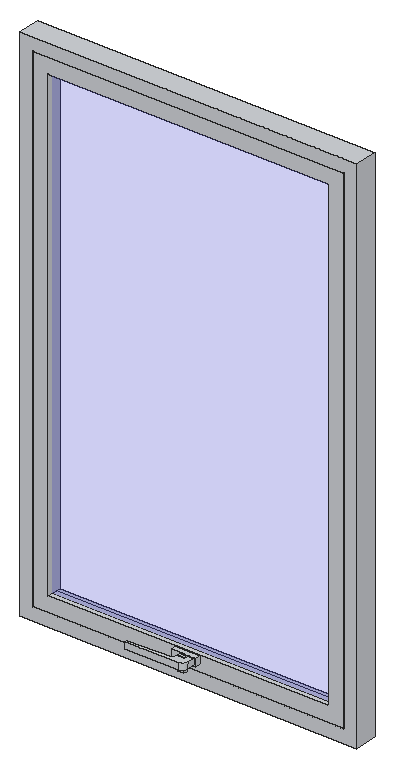
Revit family "Janela maxim-ar - 1 Painel", category Janelas, Revit 2019
Family settings
  Hospedeiro = Parede
  Número OmniClass = 23.30.20.00
  Título OmniClass = Windows
  Sempre na vertical = Sim
  Corte com vazios quando carregada = Não
  Compartilhado = Não
  Ponto de cálculo do ambiente = Não
Parameters
  Visual Light Transmittance = 0.9
  Solar Heat Gain Coefficient = 0.86
  Rough Width = Width  # 900 mm
  Rough Height = Height  # 1400 mm
  Largura da moldura do painel = 40 mm
  Espessura da moldura do painel = 40 mm
  ID do tipo de construção = ""
  Height = 1400 mm
  Coeficiente de transferência de calor (U) = 5.5617 W/(m²·K)
  Material do puxador = none
  Vidro = none
  Largura da estrutura = 35 mm
  Espessura da moldura = 60 mm
  Material da moldura = none
  Altura-padrão do peitoril = 650 mm
  Fechamento da parede = Por hospedeiro
  Width = 900 mm
  Construção analítica = Janelas grandes envidraçadas únicas
Reference planes
  plane 1 "Centro (Frente/Trás)": y = 0
  plane 2 "Centro (Esquerda/Direita)": x = 0
  plane 3 "Esquerda": x = -450
  plane 4 "Direita": x = 450
  plane 5 "Peitoril": z = 650
  plane 6 "Extremidade superior": z = 2050
  plane 7 "Exterior": y = 100
  plane 8 "Interior": y = -100
  plane 9: z = 0
  plane 10: x = -415
  plane 11: x = 415
  plane 12: x = -375
  plane 13: x = 375
  plane 14: y = -40
  plane 15: y = -60
  plane 16: y = -80
  plane 17: z = 2015
  plane 18: z = 685
  plane 19: z = 1975
  plane 20: z = 725
  plane 21: x = -410
  plane 22: x = 410
  plane 23: z = 2010
  plane 24: z = 690
  plane 25: z = 1800
  plane 26: z = 1925
Forms (mm)
  Sweep 1, solid, material <- "Material da moldura", detail levels fine
    path origin (0, 100, 0) x (1, 0, 0) y (0, 0, 1)
      loop
        line (450, 2050) -> (-450, 2050) -> (-450, 650) -> (450, 650) -> (450, 2050)
    profile origin (-450, 100, 2050) x (0, -1, 0) y (1, 0, 0)
      loop
        line (140, 0) -> (200, 0) -> (200, 35) -> (140, 35) -> (140, 0)
  Sweep 2, solid, material <- "Material da moldura", detail levels fine
    path origin (0, 100, 0) x (1, 0, 0) y (0, 0, 1)
      loop
        line (415, 2015) -> (-415, 2015) -> (-415, 685) -> (415, 685) -> (415, 2015)
    profile origin (-415, 100, 2015) x (0, -1, 0) y (1, 0, 0)
      loop
        line (160, 0) -> (200, 0) -> (200, 40) -> (160, 40) -> (160, 0)
  Extrusion 3, solid, material <- "Vidro", detail levels fine
    sketch origin (0, 0, 0) x (1, 0, 0) y (0, 1, 0)
      loop
        line (-375, -73) -> (-375, -87) -> (375, -87) -> (375, -73) -> (-375, -73)
    from 725 to 1975
  Sweep 4, solid, material <- "Material da moldura", detail levels coarse+medium
    path origin (0, 100, 0) x (1, 0, 0) y (0, 0, 1)
      loop
        line (450, 2050) -> (-450, 2050) -> (-450, 650) -> (450, 650) -> (450, 2050)
    profile origin (-450, 100, 2050) x (0, -1, 0) y (1, 0, 0)
      loop
        line (160, 0) -> (200, 0) -> (200, 40) -> (160, 40) -> (160, 0)
  Extrusion 5, solid, material <- "Vidro", detail levels coarse+medium
    sketch origin (0, 0, 0) x (1, 0, 0) y (0, 1, 0)
      loop
        line (-410, -73) -> (-410, -87) -> (410, -87) -> (410, -73) -> (-410, -73)
    from 690 to 2010
Lines and regions (mm)
  Opening 1
    outline origin (3500, -100, 0) x (1, 0, 0) y (0, 0, 1)
      loop
        line (-3050, 650) -> (-3050, 2050) -> (-3950, 2050) -> (-3950, 650) -> (-3050, 650)
  symbolic lines, style "WindowsGlassProjection", detail levels coarse
    curve 1: line (-410, -80, 0) -> (410, -80, 0)
    curve 4: line (-450, -80, 2010) -> (-450, -80, 690)
  symbolic lines, style "WindowsGlassProjection", detail levels medium
    curve 2: line (-410, -73, 0) -> (410, -73, 0)
    curve 3: line (-410, -87, 0) -> (410, -87, 0)
    curve 5: line (-450, -73, 2010) -> (-450, -73, 690)
    curve 6: line (-450, -87, 690) -> (-450, -87, 2010)
  symbolic lines, style "Giro da elevação", detail levels coarse+medium
    curve 7: line (0, 100, 2050) -> (450, 100, 1800)
    curve 8: line (450, 100, 1800) -> (0, 100, 650)
    curve 9: line (0, 100, 650) -> (-450, 100, 1800)
    curve 10: line (-450, 100, 1800) -> (0, 100, 2050)
  symbolic lines, style "Giro da elevação", detail levels fine
    curve 11: line (0, 100, 2015) -> (415, 100, 1800)
    curve 12: line (415, 100, 1800) -> (0, 100, 685)
    curve 13: line (0, 100, 685) -> (-415, 100, 1800)
    curve 14: line (-415, 100, 1800) -> (0, 100, 2015)
  symbolic lines, style "Giro da planta"
    curve 15: line (450, -80, 1800) -> (450, 1320, 1800)
    curve 17: arc (450, 100, 650) -> (450, 980.386, 938.155) -> (450, 1320, 1800) r 1088.441
  symbolic lines, style "Giro do corte_Traço"
    curve 16: line (450, -80, 1925) -> (450, 620, 712.564)
Text (mm)
  text "EXTERIOR" at (-1963.203, 1332.353, 0), in view "Nível de referência"
  text "INTERIOR" at (-1981.466, -818.386, 0), in view "Nível de referência"
  text "Externo" at (0, 923.751, 2943.296), in view "Direita"
  text "Externo" at (0, 1040.484, 2685.409), in view "Esquerda"
Dimensions and locks
  equal spacing: plane 3 "Esquerda", plane 2 "Centro (Esquerda/Direita)", plane 4 "Direita"
  "Width": plane 3 "Esquerda" to plane 4 "Direita"
  "Height": plane 5 "Peitoril" to plane 6 "Extremidade superior"
  "Altura-padrão do peitoril": plane 5 "Peitoril" to level
  locked: plane 7 "Exterior" to host wall at 0
  locked: plane 8 "Interior" to host wall
  "Largura da estrutura": plane 3 "Esquerda" to plane 10
  "Largura da estrutura": plane 11 to plane 4 "Direita"
  "Largura da moldura do painel": plane 10 to plane 12
  "Largura da moldura do painel": plane 13 to plane 11
  "Espessura da moldura": plane 14 to plane 8 "Interior"
  "Espessura da moldura do painel": plane 15 to plane 8 "Interior"
  equal spacing: plane 15, plane 16, plane 8 "Interior"
  "Largura da estrutura": plane 17 to plane 6 "Extremidade superior"
  "Largura da estrutura": plane 5 "Peitoril" to plane 18
  Extrusion 3 sketch curve to plane 16 to Extrusion 3 sketch curve = 7 mm locked, 7 mm locked
  "Largura da moldura do painel": plane 19 to plane 17
  "Largura da moldura do painel": plane 18 to plane 20
  "Largura da moldura do painel": plane 3 "Esquerda" to plane 21
  "Largura da moldura do painel": plane 22 to plane 4 "Direita"
  Extrusion 5 sketch curve to plane 16 to Extrusion 5 sketch curve = 7 mm locked, 7 mm locked
  curve 3 to plane 16 to curve 2 = 7 mm locked, 7 mm locked
  "Largura da moldura do painel": plane 23 to plane 6 "Extremidade superior"
  "Largura da moldura do painel": plane 5 "Peitoril" to plane 24
  curve 5 to plane 16 to curve 6 = 7 mm locked, 7 mm locked
  plane 24 to plane 20 = 35 mm
  locked: plane 25 to plane 6 "Extremidade superior" at 250
  equal spacing: plane 25, plane 26, plane 6 "Extremidade superior"
  "Height": curve 15 to curve 15
  "Height": curve 16 to curve 16
  locked: plane 16 to curve 16 (angle 30.00°)
  aligned and locked: level to plane 9
  aligned and locked: plane 4 "Direita" to Sweep 1 sketch curve
  aligned and locked: Sweep 1 sketch curve to plane 3 "Esquerda"  (x2)
  aligned and locked: plane 6 "Extremidade superior" to Sweep 1 sketch curve
  aligned and locked: Sweep 1 sketch curve to plane 5 "Peitoril"
  aligned and locked: Sweep 1 sketch curve to plane 14
  aligned and locked: Sweep 1 sketch curve to plane 8 "Interior"
  aligned and locked: Sweep 1 sketch curve to plane 10
  aligned and locked: Sweep 2 sketch curve to plane 17
  aligned and locked: plane 18 to Sweep 2 sketch curve
  aligned and locked: Sweep 2 sketch curve to plane 11
  aligned and locked: plane 10 to Sweep 2 sketch curve  (x2)
  aligned and locked: Sweep 2 sketch curve to plane 15
  aligned and locked: Sweep 2 sketch curve to plane 8 "Interior"
  aligned and locked: Sweep 2 sketch curve to plane 12
  aligned and locked: plane 12 to Extrusion 3 sketch curve
  aligned and locked: Extrusion 3 sketch curve to plane 13
  aligned and locked: plane 19 to Extrusion 3
  aligned and locked: Extrusion 3 to plane 20
  aligned and locked: plane 6 "Extremidade superior" to Sweep 4 sketch curve
  aligned and locked: Sweep 4 sketch curve to plane 5 "Peitoril"
  aligned and locked: Sweep 4 sketch curve to plane 3 "Esquerda"  (x2)
  aligned and locked: plane 4 "Direita" to Sweep 4 sketch curve
  aligned and locked: Sweep 4 sketch curve to plane 15
  aligned and locked: Sweep 4 sketch curve to plane 8 "Interior"
  aligned and locked: Sweep 4 sketch curve to plane 21
  aligned and locked: plane 21 to Extrusion 5 sketch curve
  aligned and locked: Extrusion 5 sketch curve to plane 22
  aligned and locked: curve 1 to plane 16
  aligned and locked: plane 21 to curve 1
  aligned and locked: plane 22 to curve 1
  aligned and locked: plane 22 to curve 2
  aligned and locked: plane 22 to curve 3
  aligned and locked: plane 21 to curve 2
  aligned and locked: plane 21 to curve 3
  aligned and locked: plane 23 to Extrusion 5  (x2)
  aligned and locked: Extrusion 5 to plane 24
  aligned and locked: plane 16 to curve 4
  aligned and locked: plane 24 to curve 4
  aligned and locked: plane 23 to curve 4
  aligned and locked: plane 23 to curve 6
  aligned and locked: plane 24 to curve 5
  aligned and locked: plane 24 to curve 6
  aligned and locked: plane 6 "Extremidade superior" to curve 7
  aligned and locked: plane 2 "Centro (Esquerda/Direita)" to curve 10
  aligned and locked: plane 25 to curve 8
  aligned and locked: plane 4 "Direita" to curve 8
  aligned and locked: plane 5 "Peitoril" to curve 9
  aligned and locked: plane 2 "Centro (Esquerda/Direita)" to curve 9
  aligned and locked: plane 25 to curve 10
  aligned and locked: plane 3 "Esquerda" to curve 9
  aligned and locked: plane 25 to curve 14
  aligned and locked: plane 10 to curve 13
  aligned and locked: plane 18 to curve 12
  aligned and locked: plane 2 "Centro (Esquerda/Direita)" to curve 13
  aligned and locked: plane 11 to curve 12
  aligned and locked: plane 25 to curve 11
  aligned and locked: plane 16 to curve 15
  aligned and locked: plane 16 to curve 16
  aligned and locked: plane 26 to curve 16
  aligned and locked: curve 15 to plane 25
  aligned and locked: plane 25 to curve 15
  aligned and locked: plane 5 "Peitoril" to curve 17
  aligned and locked: curve 17 to plane 7 "Exterior"
  aligned and locked: nested 1 to plane 2 "Centro (Esquerda/Direita)"
  aligned and locked: plane 20 to nested 1
Automatic sketch dimensions
  Opening 1 sketch curve to plane 3 "Esquerda" = 0 mm
  Opening 1 sketch curve to plane 4 "Direita" = 0 mm
  Opening 1 sketch curve to plane 5 "Peitoril" = 0 mm
  Opening 1 sketch curve to plane 6 "Extremidade superior" = 0 mm
  curve 5 to plane 23 = 0 mm
  plane 2 "Centro (Esquerda/Direita)" to curve 14 = 0 mm
  curve 14 to plane 17 = 0 mm
Nested families
  nested 1: "Puxador da janela 1" at (0, -100, 715) x (1, 0, 0) z (0, -1, 0), type "Puxador da janela 1", detail levels fine
Definition of nested family "Puxador da janela 1"
  Parameters
    Material do puxador = none
    Default Elevation = 1219.2 mm
  Reference planes
    plane 1 "Centro (Frente/Trás)": y = 0
    plane 2: z = 0
    plane 3 "Centro (Esquerda/Direita)": x = 0
    plane 4: y = 10
    plane 5: y = -10
    plane 6: x = -32
    plane 7: x = 32
    plane 8: y = -30
    plane 9: x = -9
    plane 10: x = 9
    plane 11: z = 15
    plane 12: z = 25
    plane 13: z = 49
    plane 14: x = 27
    plane 15: x = -130
    plane 16: z = 37
    plane 17: y = 8
  Forms (mm)
    Extrusion 1, solid
      sketch origin (1019.2, -1019.2, 0) x (1, 0, 0) y (0, 1, 0)
        loop
          line (-1119.2, 1119.2) -> (-1119.2, 918.942) -> (-919.2, 918.942) -> (-919.2, 1119.2) -> (-1119.2, 1119.2)
      from 0 to -50
    Extrusion 2, solid, material <- "Material do puxador"
      sketch origin (0, 0, 0) x (1, 0, 0) y (0, 1, 0)
        loop
          line (-32, 10) -> (-32, -10) -> (32, -10) -> (32, 10) -> (-32, 10)
      from 0 to 15
    Extrusion 3, solid, material <- "Material do puxador"
      sketch origin (0, 0, 0) x (1, 0, 0) y (0, 1, 0)
        loop
          line (-9, 8) -> (-9, -11.986) -> (-6.984, -30) -> (7.035, -30) -> (9, -11.986) -> (9, 8) -> (-9, 8)
      from 15 to 25
    Extrusion 4, solid, material <- "Material do puxador"
      sketch origin (0, 0, 0) x (1, 0, 0) y (0, 0, 1)
        loop
          line (9, 15) -> (27, 15) -> (27, 35)
          arc (27, 35) -> (22.899, 44.899) -> (13, 49) r 14
          line (13, 49) -> (-130, 49) -> (-130, 44) -> (-14.671, 36.989)
          arc (-14.671, 36.989) -> (-10.641, 35.1) -> (-9, 30.963) r 6.037
          line (-9, 30.963) -> (-9, 25) -> (9, 25) -> (9, 15)
      from -8 to 8
  Dimensions and locks
    plane 6 to plane 3 "Centro (Esquerda/Direita)" to plane 7 = 32 mm locked, 32 mm locked
    locked: plane 8 to plane 5 at 20
    plane 4 to plane 1 "Centro (Frente/Trás)" to plane 5 = 10 mm locked, 10 mm locked
    locked: plane 9 to Extrusion 3 sketch curve at 2.016
    locked: Extrusion 3 sketch curve to plane 10 at 1.965
    locked: Extrusion 3 sketch curve to plane 5 at 1.986  (x2)
    locked: plane 11 to plane 2 at 15
    locked: plane 12 to plane 11 at 10
    locked: plane 13 to plane 12 at 24
    locked: plane 14 to plane 10 at 18
    locked: plane 3 "Centro (Esquerda/Direita)" to plane 15 at 130
    locked: plane 4 to plane 17 at 2
    locked: Extrusion 4 to plane 1 "Centro (Frente/Trás)" at 8
    locked: Extrusion 4 sketch curve to plane 12 at 5.963
    locked: plane 13 to plane 16 at 12
    radius of Extrusion 4 sketch curve = 14 mm
    radius of Extrusion 4 sketch curve = 6.037 mm
    aligned and locked: plane 2 to Extrusion 1
    aligned and locked: level to Extrusion 1
    aligned and locked: Extrusion 2 sketch curve to plane 4
    aligned and locked: plane 6 to Extrusion 2 sketch curve
    aligned and locked: Extrusion 2 sketch curve to plane 5
    aligned and locked: Extrusion 2 sketch curve to plane 7
    aligned and locked: Extrusion 3 sketch curve to plane 9
    aligned and locked: Extrusion 3 sketch curve to plane 10
    aligned and locked: plane 8 to Extrusion 3 sketch curve
    aligned and locked: Extrusion 3 to plane 11
    aligned and locked: plane 12 to Extrusion 3
    aligned and locked: plane 11 to Extrusion 4 sketch curve  (x2)
    aligned and locked: plane 14 to Extrusion 4 sketch curve
    aligned and locked: plane 10 to Extrusion 4 sketch curve
    aligned and locked: plane 13 to Extrusion 4 sketch curve
    aligned and locked: Extrusion 4 sketch curve to plane 11
    aligned and locked: plane 12 to Extrusion 4 sketch curve
    aligned and locked: plane 9 to Extrusion 4 sketch curve
    aligned and locked: Extrusion 4 sketch curve to plane 15
    aligned and locked: Extrusion 3 sketch curve to plane 17
    aligned and locked: plane 17 to Extrusion 4
